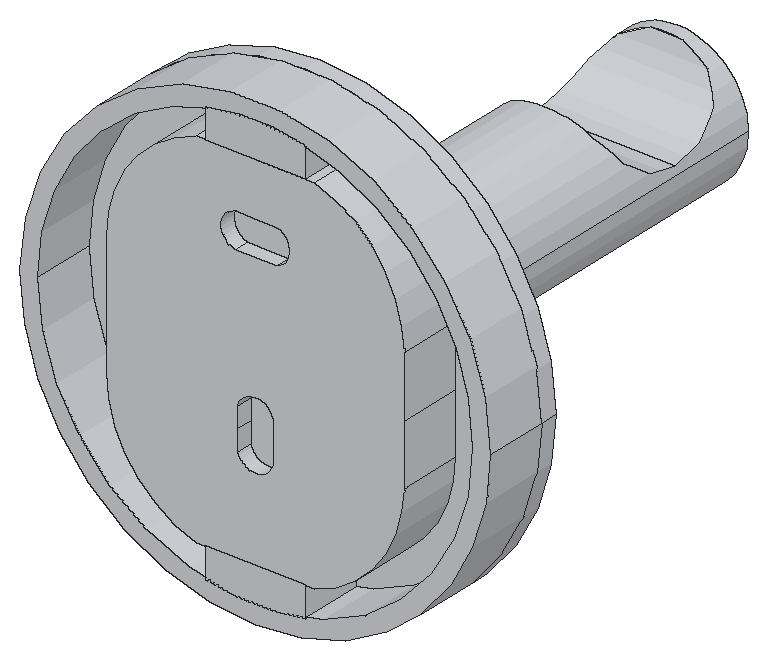
Revit family "AX4514P_0018", category Appareils sanitaires, Revit 2016
Family settings
  Hôte = Mur
  Type d'élément = Normal
  Cote de connecteur circulaire = Utiliser le diamètre
  Numéro OmniClass = 23.75.00.00
  Titre OmniClass = Climate Control (HVAC)
  Toujours verticalement = Oui
  Couper avec des vides une fois chargée = Non
  Partagée = Non
  Point de calcul de pièce = Non
Parameters (values of type "Type 1")
  URL = "https://www.axeuro.com/fr/fixations-invisibles/25375-patere-ax4514p-3700926000043.html"
  Type de produit / Type of product = "Patère / Hook"  # constant formula
  Référence / Reference = "AX4514P, AX4514-MBK"  # constant formula
  Model = ""
  Manufacturer = ""
  Entreprise / Company = "Axeuro"  # constant formula
  Description = ""
Reference planes
  plane 1 "Mur": y = 0
  plane 2 "Centre (gauche/droite)": x = 0
  plane 3 "Arrière": y = 75
Forms (mm)
  Extrusion 1, solid
    sketch origin (0, 75, 48.471) x (1, 0, 0) y (0, 0, 1)
      loop
        circle (0, 1625.029) r 8
    from -59.346 to -9.099
  Extrusion 2, void
    sketch origin (1783.952, -243.36, 2758.766) x (0, 0, 1) y (0, 1, 0)
      loop
        circle (-1075.511, 367.625) r 8.8
    from 1774.198 to 1793.952
  Extrusion 3, void
    sketch origin (0, 75, 0) x (1, 0, 0) y (0, 0, 1)
      loop
        line (0.015, 1688.029) -> (-2.336, 1688.029)
        arc (-2.336, 1688.029) -> (-3.884, 1686.026) -> (-2.336, 1684.023) r 2.07
        line (-2.336, 1684.023) -> (2.295, 1684.023)
        arc (2.295, 1684.023) -> (3.866, 1686.026) -> (2.295, 1688.029) r 2.062
        line (2.295, 1688.029) -> (0.015, 1688.029)
    from -1.797 to 0
  Extrusion 4, void
    sketch origin (1686.016, 75, 1664.947) x (0.00071, 0, 1) y (-1, 0, 0.00071)
      loop
        line (0.015, 1688.029) -> (-2.336, 1688.029)
        arc (-2.336, 1688.029) -> (-3.884, 1686.026) -> (-2.336, 1684.023) r 2.07
        line (-2.336, 1684.023) -> (2.295, 1684.023)
        arc (2.295, 1684.023) -> (3.866, 1686.026) -> (2.295, 1688.029) r 2.062
        line (2.295, 1688.029) -> (0.015, 1688.029)
    from -1.797 to 0
  Extrusion 5, solid
    sketch origin (0, 75, 0) x (1, 0, 0) y (0, 0, 1)
      loop
        circle (0, 1673.5) r 26.5
      loop
        circle (0, 1673.5) r 24.5
    from -9.099 to 0
  Extrusion 6, solid
    sketch origin (0, 76.057, 0) x (1, 0, 0) y (0, 0, 1)
      loop
        circle (0, 1673.5) r 26.5
    from -8.042 to -6.06
  Extrusion 7, solid
    sketch origin (61.903, 75, 16.821) x (1, 0, 0) y (0, 0, 1)
      loop
        line (-55.235, 1677.179) -> (-62.1, 1677.179) -> (-68.572, 1677.179)
        arc (-68.572, 1677.179) -> (-75.861, 1671.999) -> (-78.653, 1663.505) r 14.314
        line (-78.653, 1663.505) -> (-78.653, 1656.679) -> (-78.653, 1649.852)
        arc (-78.653, 1649.852) -> (-75.861, 1641.358) -> (-68.572, 1636.179) r 14.314
        line (-68.572, 1636.179) -> (-62.1, 1636.179) -> (-55.235, 1636.179)
        arc (-55.235, 1636.179) -> (-47.946, 1641.358) -> (-45.153, 1649.852) r 14.314
        line (-45.153, 1649.852) -> (-45.153, 1656.679) -> (-45.153, 1663.505)
        arc (-45.153, 1663.505) -> (-47.946, 1671.999) -> (-55.235, 1677.179) r 14.314
    from -7.118 to 0
  Extrusion 8, solid
    sketch origin (2.627, 75, -0.893) x (1, 0, 0) y (0, 0, 1)
      loop
        line (2.973, 1694.893) -> (2.973, 1698.245)
        arc (2.973, 1698.245) -> (-2.627, 1698.893) -> (-8.227, 1698.245) r 24.5
        line (-8.227, 1698.245) -> (-8.227, 1694.893) -> (2.973, 1694.893)
    from -7.118 to 0
  Extrusion 9, solid
    sketch origin (2.627, 75, 3347.893) x (1, 0, 0) y (0, 0, 1)
      loop
        line (2.973, -1694.893) -> (-8.227, -1694.893) -> (-8.227, -1698.245)
        arc (-8.227, -1698.245) -> (-2.627, -1698.893) -> (2.973, -1698.245) r 24.5
        line (2.973, -1698.245) -> (2.973, -1694.893)
    from -7.118 to 0
  Extrusion 10, solid
    sketch origin (0, 0, 0) x (1, 0, 0) y (0, 1, 0)
      loop
        circle (0, 79.55) r 2.25
    from 1646.852 to 1648
  Extrusion 11, void
    sketch origin (0, 0, 0) x (1, 0, 0) y (0, 1, 0)
      loop
        line (0.759, 80.865) -> (-0.759, 80.865) -> (-1.519, 79.55) -> (-0.759, 78.234) -> (0.759, 78.234) -> (1.519, 79.55) -> (0.759, 80.865)
    from 1646.852 to 1648
  Revolve 12, solid
    sketch origin (0, 0, 0) x (0, 1, 0) y (0, 0, 1)
      loop
        line (134.346, 1673.5) -> (136.5, 1673.5)
        arc (136.5, 1673.5) -> (136.082, 1677.678) -> (134.346, 1681.5) r 12.907
        line (134.346, 1681.5) -> (134.346, 1673.5)
      axis (136.5, 1673.5) -> (134.346, 1673.5)
    angle from 0 to 360
Cuts and joins
  Extrusion 2 cuts Extrusion 1
  Extrusion 2 cuts Revolve 12
  joined: Extrusion 1, Revolve 12
  joined: Extrusion 5, Extrusion 6
  Extrusion 3, Extrusion 4 cuts Extrusion 7
  Extrusion 11 cuts Extrusion 10
Text (mm)
  text "Côté de la mise en place" at (-1820.995, 1116.779, 0), in view "Niveau de réf."
  text "Côté de la mise en place" at (0, 1334.055, 2976.191), in view "Gauche"
  text "Côté de la mise en place" at (0, 439.194, 2944.362), in view "Droite"
Dimensions and locks
  locked: plane 3 "Arrière" to host wall
  aligned and locked: plane 1 "Mur" to host wall
